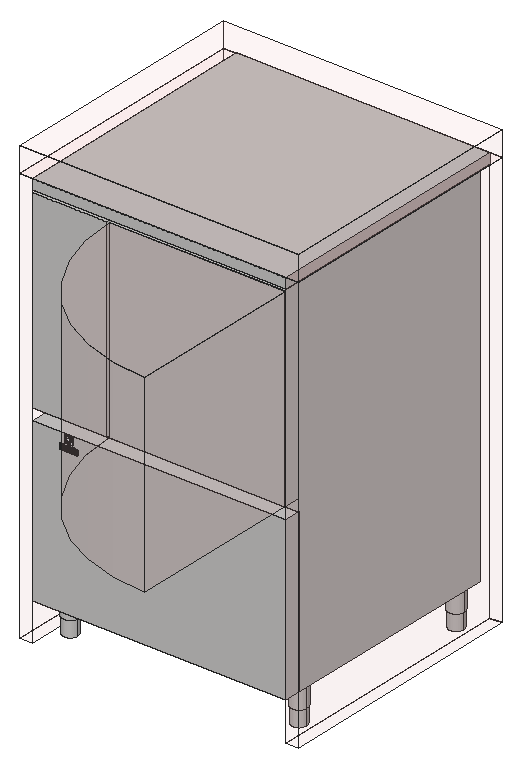
Revit family "QF_ELECTROLUXPROFESSIONAL_725218_ECBCFA080SE", category Attrezzature speciali, Revit 2018
Family settings
  Quota connettore circolare = Usa diametro
  Tipo di parte = Normale
  Basato su piano di lavoro = No
  Sempre verticale = Sì
  Taglio con vuoti quando caricato = No
  Condiviso = No
  Punto di calcolo locali = No
Parameters (values of type "Standard")
  Weight = 220.00 kg
  Watts = 3960 W
  Volts = 380 V
  URL Manufacturer = "https://www.electroluxprofessional.com/"
  URL = "https://www.electroluxprofessional.com/"
  Steam Supply Size = 0 mm
  Steam Supply Minimum Pressure = 0.0 Pa
  Steam Supply Maximum Pressure = 0.0 Pa
  Steam Consumption per Hour = 0
  Show Logo [instance] = yes
  Show Clearance [instance] = yes
  Refrigeration Suction Line Size = 0 mm
  Refrigeration Liquid Line Size = 0 mm
  Refrigerant Compressor Remote = yes
  Produttore = "Electrolux Professional"
  Phase = 3
  Modello = "ECBCFA080SE"
  Length Actual = 1000 mm  # constant formula
  Item Number = "725218"
  Hot Water Size = 0 mm
  Height Actual = 1645 mm  # constant formula
  HP = "5.3 HP"
  Gas Size = 0 mm
  Gas KW = 0
  Gas Input Pressure = 0 W
  Direct Waste Size = 12.7 mm
  Descrizione = "BLAST CHILLER/FREEZER CW 80KG 10 GN 2/1 - R452A"
  Depth Actual = 1006 mm  # constant formula
  Cycle = 50 Hz
  Condensate Return Size = 0 mm
  Compressed Air Volume = 0.0 L/s
  Compressed Air Size = 0 mm
  Compressed Air Pressure = 0.0 Pa
  Cold Water Size = 0 mm
  Accessory = yes
Types (2, lengths in mm): name | URL | Produttore | Phase | Modello | Direct Waste Size | Descrizione
  (no name) | 0 | 0 | 0 | 0 | 0 | 0
  Standard | "https://www.electroluxprofessional.com/" | "Electrolux Professional" | 3 | "ECBCFA080SE" | 12.7 | "BLAST CHILLER/FREEZER CW 80KG 10 GN 2/1 - R452A"
Values of the unnamed type that differ from the named types
  Weight = 0.00 kg
  Watts = 0 W
  Volts = 0 V
  URL Manufacturer = ""
  Item Number = ""
  HP = ""
  Cycle = 0 Hz
Reference planes
  plane 1 "Center X": y = 44.851
  plane 2: z = 0
  plane 3 "Center Y": x = -259
  plane 4 "LEFT": x = -759
  plane 5 "BACK": y = 547.851
  plane 6 "RIGHT": x = 241
  plane 7 "FRONT": y = -458.149
  plane 8: z = 153
  plane 9 "TOP": z = 1645
  plane 10: x = -710
  plane 11: y = 441.851
  plane 12: x = 192
  plane 13: y = -52.149
  plane 14: y = 496.851
  plane 15: z = 1605
  plane 16: y = -1152.149
Forms (mm)
  Extrusion 1, solid, material "QF_Finishes_Stainless Steel"
    sketch origin (0, 0, 1645) x (-1, 0, 0) y (0, -1, 0)
      loop
        line (759, -496.851) -> (759, 393.149) -> (-241, 393.149) -> (-241, -496.851) -> (759, -496.851)
    from -40 to -1492
  Extrusion 2, solid, material "QF_Finishes_Stainless Steel"
    sketch origin (-380.727, 496.851, 1590) x (1, 0, 0) y (0, 0, -1)
      loop
        circle (121.727, 1387) r 10.5
    from 0 to 10
  Extrusion 3, solid, material "QF_Finishes_Stainless Steel"
    sketch origin (-1206.916, -1524, 153) x (-1, 0, 0) y (0, -1, 0)
      loop
        line (-447.916, -1065.851) -> (-1447.916, -1065.851) -> (-1447.916, -1130.851) -> (-447.916, -1130.851) -> (-447.916, -1065.851)
    from 635.577 to 0
  Extrusion 4, solid, material "QF_Finishes_Stainless Steel"
    sketch origin (-1106.916, -1621, 183) x (0, -1, 0) y (-1, 0, 0)
      loop
        circle (-1673.851, -847.916) r 9.5
    from 30 to 40
  Extrusion 5, solid, material "QF_Finishes_Stainless Steel"
    sketch origin (-623, 0, 1060.038) x (1, 0, 0) y (0, 1, 0)
      loop
        line (858, -458.149) -> (858, -393.149) -> (170, -393.149) -> (170, -458.149) -> (858, -458.149)
    from 534.886 to -225.114
  Extrusion 6, solid, material "QF_Finishes_Stainless Steel"
    sketch origin (-1206.916, -1524, 1624) x (-1, 0, 0) y (0, -1, 0)
      loop
        line (-447.916, -2071.851) -> (-447.916, -1065.851) -> (-1447.916, -1065.851) -> (-1447.916, -2071.851) -> (-447.916, -2071.851)
    from 21 to -19
  Extrusion 7, solid, material "QF_Clearance", visible <- "Show Clearance"
    sketch origin (0, 0, 0) x (1, 0, 0) y (0, 1, 0)
      loop
        line (-759, 547.851) -> (-809, 547.851) -> (-809, -458.149) -> (-759, -458.149) -> (-759, 547.851)
      loop
        line (291, 547.851) -> (241, 547.851) -> (241, -458.149) -> (291, -458.149) -> (291, 547.851)
    from 0 to 1645
  Extrusion 8, solid, material "QF_Clearance", visible <- "Show Clearance"
    sketch origin (0, 0, 0) x (1, 0, 0) y (0, 1, 0)
      loop
        line (-809, 547.851) -> (-809, -458.149) -> (291, -458.149) -> (291, 547.851) -> (-809, 547.851)
    from 1645 to 1744
  Extrusion 9, solid, material "QF_Clearance", visible <- "Show Clearance"
    sketch origin (0, 0, 0) x (1, 0, 0) y (0, 1, 0)
      loop
        line (241, -1152.149) -> (241, -458.149) -> (-453, -458.149)
        arc (-453, -458.149) -> (-249.732, -948.881) -> (241, -1152.149) r 694
    from 834.924 to 1594.924
  Extrusion 10, solid, material "QF_Finishes_Stainless Steel"
    sketch origin (-1323, 0, 1060.038) x (1, 0, 0) y (0, 1, 0)
      loop
        line (858, -458.149) -> (858, -393.149) -> (564, -393.149) -> (564, -458.149) -> (858, -458.149)
    from 534.886 to -225.114
Cuts and joins
  joined: Extrusion 1, Extrusion 2, Extrusion 4
Lines and regions (mm)
  Split face 1
    outline origin (241, -458.149, 153) x (-1, 0, 0) y (0, 0, -1)
      loop
        line (900, -635.577) -> (900, -571.811) -> (800, -571.811) -> (775.858, -547.669) -> (224.142, -547.669) -> (200, -571.811) -> (100, -571.811) -> (100, -635.577)
  Split face 2
    outline origin (241, -458.149, 153) x (-1, 0, 0) y (0, 0, -1)
      loop
        line (900, -571.811) -> (900, -514.311) -> (100, -514.311) -> (100, -571.811)
  Split face 3
    outline origin (122, -458.149, 153) x (-1, 0, 0) y (0, 0, -1)
      loop
        line (408.5, -620.809) -> (408.5, -605.809) -> (353.5, -605.809) -> (353.5, -620.809) -> (408.5, -620.809)
  Split face 4
    outline origin (122, -458.149, 128) x (-1, 0, 0) y (0, 0, -1)
      loop
        line (408.5, -620.809) -> (408.5, -605.809) -> (353.5, -605.809) -> (353.5, -620.809) -> (408.5, -620.809)
  symbolic lines
    curve 1: line (-759, 547.851, 1645) -> (241, 547.851, 1645)
    curve 2: line (-759, -458.149, 1645) -> (-759, 547.851, 1645)
    curve 3: line (241, 547.851, 1645) -> (241, -458.149, 1645)
    curve 4: line (241, -458.149, 0) -> (-759, -458.149, 0)
  symbolic lines, style "QF_Clearances"
    curve 5: line (-809, 547.851, 0) -> (-809, -458.149, 0)
    curve 6: line (-809, -458.149, 0) -> (-759, -458.149, 0)
    curve 7: line (291, 547.851, 0) -> (241, 547.851, 0)
    curve 8: line (291, 547.851, 0) -> (291, -458.149, 0)
    curve 9: line (-759, 547.851, 0) -> (-809, 547.851, 0)
    curve 10: line (241, -458.149, 0) -> (291, -458.149, 0)
  symbolic lines, style "QF_Door-Drawer Clearances"
    curve 11: line (241, -1152.149, 0) -> (241, -458.149, 0)
    curve 12: arc (-453, -458.149, 0) -> (-249.732, -948.881, 0) -> (241, -1152.149, 0) r 694
Dimensions and locks
  equal spacing: plane 4 "LEFT", plane 3 "Center Y", plane 6 "RIGHT"
  plane 4 "LEFT" to plane 6 "RIGHT" = 1000 mm
  plane 5 "BACK" to plane 7 "FRONT" = 1006 mm
  equal spacing: plane 5 "BACK", plane 1 "Center X", plane 7 "FRONT"
  cut or joined group of Extrusion 1, Extrusion 2, Extrusion 4 to Extrusion 2 sketch curve = 500 mm
  level to Extrusion 2 sketch curve = 203 mm
  plane 5 "BACK" to Extrusion 4 sketch curve = 495 mm
  plane 4 "LEFT" to Extrusion 4 sketch curve = 500 mm
  Extrusion 2 sketch curve to plane 4 "LEFT" = 500 mm
  plane 9 "TOP" to plane 2 = 1645 mm
  locked: plane 9 "TOP" to plane 15 at 40
  plane 8 to level = 153 mm
  plane 6 "RIGHT" to plane 12 = 49 mm
  plane 5 "BACK" to plane 14 = 51 mm
  plane 5 "BACK" to plane 16 = 1700 mm
  aligned and locked: level to plane 2
  aligned and locked: plane 12 to nested 3
  aligned and locked: plane 12 to nested 2
  aligned and locked: nested 4 to plane 11
  aligned and locked: nested 3 to plane 11
  aligned and locked: Extrusion 1 to plane 4 "LEFT"
  aligned and locked: plane 6 "RIGHT" to Extrusion 1
  aligned and locked: plane 14 to Extrusion 1
  aligned and locked: Extrusion 8 sketch curve to Extrusion 7  (x4)
  aligned and locked: Extrusion 8 to plane 9 "TOP"
  aligned and locked: Extrusion 6 to plane 15
  aligned and locked: plane 9 "TOP" to Extrusion 6
  aligned and locked: cut or joined group of Extrusion 1, Extrusion 2, Extrusion 4 to plane 15
  aligned and locked: Extrusion 1 to plane 8
  aligned and locked: plane 9 "TOP" to Extrusion 7
Automatic sketch dimensions
  curve 6 to plane 7 "FRONT" = 0 mm
  curve 5 to plane 5 "BACK" = 0 mm
  curve 4 to plane 4 "LEFT" = 0 mm
  curve 9 to plane 4 "LEFT" = 0 mm
  curve 11 to plane 6 "RIGHT" = 0 mm
  curve 7 to plane 5 "BACK" = 0 mm
  curve 7 to plane 6 "RIGHT" = 0 mm
  curve 11 to plane 16 = 0 mm
  curve 9 to curve 9 = 50 mm
  curve 4 to curve 10 = 50 mm
  Extrusion 1 sketch curve to plane 6 "RIGHT" = 0 mm
  Extrusion 1 sketch curve to plane 4 "LEFT" = 0 mm
  Extrusion 1 sketch curve to plane 14 = 0 mm
  plane 7 "FRONT" to Extrusion 1 sketch curve = 65 mm
  curve 1 to plane 5 "BACK" = 0 mm
  curve 1 to plane 6 "RIGHT" = 0 mm
  curve 2 to plane 4 "LEFT" = 0 mm
  curve 3 to plane 7 "FRONT" = 0 mm
  curve 2 to plane 7 "FRONT" = 0 mm
  Extrusion 3 sketch curve to plane 6 "RIGHT" = 0 mm
  Extrusion 3 sketch curve to plane 4 "LEFT" = 0 mm
  Extrusion 3 sketch curve to plane 7 "FRONT" = 0 mm
  Extrusion 3 sketch curve to Extrusion 3 sketch curve = 65 mm
  Extrusion 5 sketch curve to plane 7 "FRONT" = 0 mm
  plane 7 "FRONT" to Extrusion 5 sketch curve = 65 mm
  Extrusion 5 sketch curve to plane 3 "Center Y" = 194 mm
  Extrusion 5 sketch curve to plane 6 "RIGHT" = 6 mm
  Extrusion 6 sketch curve to plane 5 "BACK" = 0 mm
  Extrusion 6 sketch curve to plane 6 "RIGHT" = 0 mm
  Extrusion 6 sketch curve to plane 4 "LEFT" = 0 mm
  Extrusion 6 sketch curve to plane 7 "FRONT" = 0 mm
  Split face 3 sketch curve to Extrusion 3 = 14.768 mm
  Split face 3 sketch curve to Extrusion 3 = 472.5 mm
  Split face 3 sketch curve to Split face 3 sketch curve = 55 mm
  Split face 3 sketch curve to Split face 3 sketch curve = 15 mm
  Split face 4 sketch curve to Extrusion 3 = 39.768 mm
  Split face 4 sketch curve to Extrusion 3 = 472.5 mm
  Split face 4 sketch curve to Split face 4 sketch curve = 55 mm
  Split face 4 sketch curve to Split face 4 sketch curve = 15 mm
  Extrusion 7 sketch curve to plane 7 "FRONT" = 0 mm  (x2)
  Extrusion 7 sketch curve to plane 5 "BACK" = 0 mm  (x2)
  Extrusion 7 sketch curve to plane 4 "LEFT" = 0 mm
  Extrusion 7 sketch curve to plane 6 "RIGHT" = 0 mm
  Extrusion 7 sketch curve to Extrusion 7 sketch curve = 50 mm
  plane 6 "RIGHT" to Extrusion 7 sketch curve = 50 mm
  Extrusion 9 sketch curve to plane 7 "FRONT" = 0 mm
  Extrusion 9 sketch curve to plane 6 "RIGHT" = 0 mm
  Extrusion 9 sketch curve to plane 16 = 0 mm
  Extrusion 10 sketch curve to plane 7 "FRONT" = 0 mm
  plane 7 "FRONT" to Extrusion 10 sketch curve = 65 mm
  Extrusion 10 sketch curve to plane 4 "LEFT" = 0 mm
  Extrusion 10 sketch curve to plane 3 "Center Y" = 206 mm
  Split face 2 sketch curve to Extrusion 3 = 100 mm  (x2)
  Split face 2 sketch curve to Extrusion 3 = 63.766 mm
  Split face 2 sketch curve to Split face 2 sketch curve = 57.5 mm  (x2)
  Split face 1 sketch curve to Extrusion 3 = 100 mm  (x2)
  Split face 1 sketch curve to Extrusion 3 = 0 mm  (x2)
  Split face 1 sketch curve to Split face 1 sketch curve = 100 mm  (x2)
  Split face 1 sketch curve to Split face 1 sketch curve = 24.142 mm  (x4)
  Split face 1 sketch curve to Extrusion 3 = 63.766 mm
  radius of Extrusion 2 sketch curve = 10.5 mm
  radius of Extrusion 4 sketch curve = 9.5 mm
Nested families
  nested 1: "Foot_Complete" at (-710, -332.149, 0), type "Foot_Complete"
    with H 153 mm
  nested 2: "Foot_Complete" at (192, -332.149, 0), type "Foot_Complete"
    with H 153 mm
  nested 3: "Foot_Complete" at (192, 441.851, 0), type "Foot_Complete"
    with H 153 mm
  nested 4: "Foot_Complete" at (-710, 441.851, 0), type "Foot_Complete"
    with H 153 mm
  nested 5: "ELX_Pro_Logo" at (-614, -458.149, 753.674) x (1, 0, 0) z (0, -1, 0), type "ELX_Pro_Logo"
Connectors
  electrical at (-259, 506.851, 203), driven by "Volts"
    settings: on Extrusion 2, index 5, voltage 380 V, apparent load 0 VA, apparent load phase1 0 VA, apparent load phase2 0 VA, apparent load phase3 0 VA, power factor 1, load classification "Altro", number of poles 1, system type 30, power factor state 1, is connector primary yes, connector utility no, sub classification motor no, connector description "Electrical Connection"
  piping at (-259, 52.851, 143), diameter 12.7, driven by "Direct Waste Size"
    settings: on cut or joined group of Extrusion 1, Extrusion 2, Extrusion 4, index 6, connector inside diameter 609.6 mm, connector length 0 mm, flow factor 0, pipe flow 0.0 L/s, pressure drop 0.0 Pa, fitting loss kfactor 0, connector angle 0.00°, fixture units 0, engagement length 0 mm, angle of deflection 0.00°, flow configuration 1, flow direction 2, fitting loss method 0, system type 16, joint type 0, gender type 0, connector reference index -1, connector utility 0, adjustable connector no, is connector primary yes, connector description "Drain"
Definition of nested family "Foot_Complete"
  Parameters
    R = 32 mm
    H = 150 mm
  Reference planes
    plane 1 "Centro (Fronte/Retro)": y = 0
    plane 2: z = 0
    plane 3 "Centro (Sinistra/Destra)": x = 0
    plane 4: z = 150
  Forms (mm)
    Revolve 1, solid
      sketch origin (255.05, 0, 608.09) x (0, 0, 1) y (-1, 0, 0)
        loop
          line (-608.09, 255.05) -> (-608.09, 226.55) -> (-544.09, 226.55) -> (-544.09, 223.05) -> (-458.09, 223.05) -> (-458.09, 255.05) -> (-608.09, 255.05)
        axis (-608.09, 255.05) -> (-458.09, 255.05)
      angle from 0 to 360
  Dimensions and locks
    locked: level to Revolve 1 sketch curve at 64
    "R": Revolve 1 sketch curve to plane 3 "Centro (Sinistra/Destra)"
    "H": plane 4 to level
    aligned and locked: level to plane 2
    aligned and locked: plane 4 to Revolve 1 sketch curve
    aligned and locked: Revolve 1 sketch curve to level
    aligned and locked: plane 3 "Centro (Sinistra/Destra)" to Revolve 1 sketch curve
  Automatic sketch dimensions
    Revolve 1 sketch curve to plane 3 "Centro (Sinistra/Destra)" = 0 mm
    plane 3 "Centro (Sinistra/Destra)" to Revolve 1 sketch curve = 28.5 mm
    Revolve 1 sketch curve to Revolve 1 sketch curve = 50 mm
    Revolve 1 sketch curve to Revolve 1 sketch curve = 20 mm
Definition of nested family "ELX_Pro_Logo"
  Parameters (values of type "ELX_Pro_Logo")
    M = none
    Default Elevation = 0 mm
  Reference planes
    plane 1 "Centro (Fronte/Retro)": y = 0
    plane 2: z = 0
    plane 3 "Centro (Sinistra/Destra)": x = 0
  Forms (mm)
    Extrusion 1, solid
      sketch origin (0, 0, 0) x (1, 0, 0) y (0, 1, 0)
        loop
          line (-1219.2, 1219.2) -> (-1219.2, -1219.2) -> (1219.2, -1219.2) -> (1219.2, 1219.2) -> (-1219.2, 1219.2)
      from 0 to -304.8
    Extrusion 2, solid, material <- "M"
      sketch origin (-144.622, -1081.55, 0) x (-1, 0, 0) y (0, -1, 0)
        loop
          line (-111.329, -1069.559) -> (-111.329, -1071.073) -> (-116.048, -1071.073) -> (-116.048, -1072.896) -> (-111.328, -1072.896) -> (-111.328, -1075.549) -> (-116.349, -1075.549) -> (-116.349, -1077.368) -> (-109.396, -1077.368) -> (-109.396, -1073.46) -> (-109.396, -1069.659)
          arc (-109.396, -1069.659) -> (-110.425, -1067.175) -> (-112.909, -1066.146) r 3.513
          line (-112.909, -1066.146) -> (-116.483, -1066.146) -> (-116.483, -1067.963) -> (-112.925, -1067.963)
          arc (-112.925, -1067.963) -> (-111.797, -1068.431) -> (-111.329, -1069.559) r 1.596
        loop
          line (-119.79, -1077.358) -> (-117.856, -1077.358) -> (-117.856, -1072.053) -> (-117.856, -1066.132) -> (-119.79, -1066.132) -> (-119.79, -1072.092) -> (-119.79, -1077.358)
        loop
          line (-122.986, -1069.718) -> (-129.327, -1069.718)
          arc (-129.327, -1069.718) -> (-129.219, -1071.449) -> (-128.497, -1073.026) r 4.757
          arc (-128.497, -1073.026) -> (-125.237, -1074.5) -> (-121.978, -1073.026) r 4.34
          arc (-121.978, -1073.026) -> (-121.072, -1070.207) -> (-121.978, -1067.388) r 4.838
          arc (-121.978, -1067.388) -> (-125.393, -1065.933) -> (-128.809, -1067.388) r 4.737
          line (-128.809, -1067.388) -> (-127.645, -1068.52)
          arc (-127.645, -1068.52) -> (-125.509, -1067.576) -> (-123.374, -1068.52) r 2.888
          arc (-123.374, -1068.52) -> (-123.05, -1069.077) -> (-122.986, -1069.718) r 1.527
        loop
          arc (-127.386, -1071.076) -> (-126.67, -1072.331) -> (-125.331, -1072.872) r 2.201
          arc (-125.331, -1072.872) -> (-123.848, -1072.402) -> (-123.033, -1071.076) r 2.23
          line (-123.033, -1071.076) -> (-127.386, -1071.076)
        loop
          line (-136.862, -1071.886) -> (-138.059, -1073.132)
          arc (-138.059, -1073.132) -> (-130.327, -1070.219) -> (-138.059, -1067.306) r 4.415
          line (-138.059, -1067.306) -> (-136.862, -1068.553)
          arc (-136.862, -1068.553) -> (-132.252, -1070.22) -> (-136.862, -1071.886) r 2.606
        loop
          line (-141.192, -1069.673) -> (-141.192, -1072.494) -> (-142.951, -1072.494) -> (-142.951, -1074.25) -> (-141.195, -1074.25) -> (-141.195, -1077.358) -> (-139.262, -1077.358) -> (-139.262, -1073.332) -> (-139.262, -1069.514)
          arc (-139.262, -1069.514) -> (-140.299, -1066.92) -> (-142.98, -1066.132) r 3.196
          line (-142.98, -1066.132) -> (-142.987, -1067.949)
          arc (-142.987, -1067.949) -> (-141.652, -1068.356) -> (-141.192, -1069.673) r 1.542
        loop
          line (-146.494, -1073.042) -> (-146.494, -1074.25) -> (-144.576, -1074.25) -> (-144.576, -1070.271) -> (-144.576, -1066.132) -> (-146.494, -1066.132) -> (-146.494, -1070.401)
          arc (-146.494, -1070.401) -> (-147.446, -1072.228) -> (-149.489, -1072.494) r 2.229
          line (-149.489, -1072.494) -> (-149.489, -1074.362)
          arc (-149.489, -1074.362) -> (-147.761, -1074.226) -> (-146.494, -1073.042) r 2.627
        loop
          line (-159.833, -1072.246) -> (-159.833, -1066.131) -> (-161.767, -1066.131) -> (-161.767, -1072.17) -> (-161.767, -1077.359) -> (-159.833, -1077.359) -> (-159.833, -1072.246)
        loop
          line (-165.194, -1069.514) -> (-165.194, -1074.25) -> (-163.245, -1074.25) -> (-163.245, -1071.898) -> (-163.245, -1069.098)
          arc (-163.245, -1069.098) -> (-166.96, -1065.769) -> (-170.687, -1069.085) r 3.745
          line (-170.687, -1069.085) -> (-170.687, -1071.898) -> (-170.687, -1074.25) -> (-168.739, -1074.25) -> (-168.739, -1069.514)
          arc (-168.739, -1069.514) -> (-166.967, -1067.742) -> (-165.194, -1069.514) r 1.772
        loop
          line (-174.654, -1070.416) -> (-172.975, -1068.078) -> (-171.578, -1066.131) -> (-173.656, -1066.131) -> (-175.717, -1068.999) -> (-177.779, -1066.131) -> (-179.857, -1066.131) -> (-178, -1068.728) -> (-176.781, -1070.433) -> (-178.29, -1072.488) -> (-179.583, -1074.25) -> (-177.473, -1074.25) -> (-175.717, -1071.818) -> (-173.945, -1074.25) -> (-171.852, -1074.25) -> (-173.052, -1072.608) -> (-174.654, -1070.416)
        loop
          circle (-154.223, -1070.188) r 2.508
        loop
          circle (-154.223, -1070.188) r 4.42
        loop
          line (-110.224, -1058.542) -> (-111.194, -1058.542)
          arc (-111.194, -1058.542) -> (-112.217, -1059.95) -> (-110.924, -1061.114) r 1.3
          line (-110.924, -1061.114) -> (-109.424, -1061.114) -> (-109.424, -1057.223) -> (-110.224, -1057.223) -> (-110.224, -1058.542)
        loop
          line (-110.224, -1060.379) -> (-110.224, -1059.293) -> (-111.03, -1059.293)
          arc (-111.03, -1059.293) -> (-111.43, -1059.836) -> (-111.03, -1060.379) r 0.569
          line (-111.03, -1060.379) -> (-110.224, -1060.379)
        loop
          line (-116.302, -1058.564) -> (-117.128, -1058.564) -> (-117.934, -1057.223) -> (-118.841, -1057.223) -> (-117.833, -1058.884)
          arc (-117.833, -1058.884) -> (-118.214, -1060.282) -> (-117.028, -1061.114) r 1.26
          line (-117.028, -1061.114) -> (-115.503, -1061.114) -> (-115.503, -1057.223) -> (-116.302, -1057.223) -> (-116.302, -1058.564)
        loop
          line (-116.302, -1060.379) -> (-116.302, -1059.293) -> (-117.109, -1059.293)
          arc (-117.109, -1059.293) -> (-117.508, -1059.836) -> (-117.109, -1060.379) r 0.569
          line (-117.109, -1060.379) -> (-116.302, -1060.379)
        loop
          line (-128.923, -1057.223) -> (-129.723, -1057.223) -> (-129.723, -1058.714) -> (-131.187, -1058.714) -> (-131.187, -1059.514) -> (-129.723, -1059.514) -> (-129.723, -1060.314) -> (-131.327, -1060.314) -> (-131.327, -1061.114) -> (-128.923, -1061.114) -> (-128.923, -1057.223)
        loop
          arc (-134.628, -1058.469) -> (-134.992, -1057.588) -> (-135.874, -1057.223) r 1.246
          line (-135.874, -1057.223) -> (-137.13, -1057.223) -> (-137.13, -1058.023) -> (-135.969, -1058.023)
          arc (-135.969, -1058.023) -> (-135.53, -1058.237) -> (-135.427, -1058.714) r 0.558
          line (-135.427, -1058.714) -> (-136.984, -1058.714) -> (-136.984, -1059.514) -> (-135.427, -1059.514) -> (-135.427, -1060.314) -> (-137.092, -1060.314) -> (-137.092, -1061.114) -> (-134.628, -1061.114) -> (-134.628, -1058.469)
        loop
          line (-152.3, -1057.223) -> (-153.1, -1057.223) -> (-153.1, -1061.114) -> (-152.3, -1061.114) -> (-152.3, -1057.223)
        loop
          line (-164.67, -1057.223) -> (-164.67, -1059.67) -> (-166.45, -1057.223) -> (-167.25, -1057.223) -> (-167.25, -1061.114) -> (-166.42, -1061.114) -> (-166.42, -1058.594) -> (-164.64, -1061.114) -> (-163.84, -1061.114) -> (-163.84, -1057.223) -> (-164.67, -1057.223)
        loop
          line (-170.403, -1057.223) -> (-171.262, -1057.223) -> (-171.641, -1058.063) -> (-173.08, -1058.063) -> (-173.459, -1057.223) -> (-174.317, -1057.223) -> (-172.796, -1061.113) -> (-171.996, -1061.113) -> (-170.403, -1057.223)
        loop
          line (-177.493, -1057.223) -> (-179.789, -1057.223) -> (-179.789, -1058.023) -> (-178.293, -1058.023) -> (-178.293, -1061.114) -> (-177.493, -1061.114) -> (-177.493, -1057.223)
        loop
          line (-172.362, -1059.848) -> (-171.945, -1058.83) -> (-172.76, -1058.83) -> (-172.362, -1059.848)
        loop
          circle (-158.484, -1059.145) r 1.288
        loop
          circle (-158.484, -1059.145) r 2.065
        loop
          arc (-146.04, -1058.095) -> (-146.933, -1057.275) -> (-148.145, -1057.245) r 1.725
          arc (-148.145, -1057.245) -> (-148.965, -1058.02) -> (-148.68, -1059.111) r 1.107
          arc (-148.68, -1059.111) -> (-148.103, -1059.465) -> (-147.486, -1059.746) r 5.523
          arc (-147.486, -1059.746) -> (-147.147, -1060.262) -> (-147.708, -1060.52) r 0.407
          arc (-147.708, -1060.52) -> (-148.045, -1060.315) -> (-148.325, -1060.038) r 1.702
          line (-148.325, -1060.038) -> (-149.011, -1060.45)
          arc (-149.011, -1060.45) -> (-148.578, -1060.911) -> (-148.043, -1061.247) r 2.463
          arc (-148.043, -1061.247) -> (-146.373, -1060.466) -> (-147.42, -1058.949) r 1.207
          spline (-147.42, -1058.949) -> (-147.716, -1058.809) -> (-147.932, -1058.678) -> (-148.077, -1058.557) -> (-148.163, -1058.446) -> (-148.198, -1058.347) -> (-148.192, -1058.258) -> (-148.157, -1058.182) -> (-148.102, -1058.118) -> (-148.037, -1058.068) -> (-147.972, -1058.031) -> (-147.917, -1058.008) -> (-147.883, -1058)
          arc (-147.883, -1058) -> (-147.238, -1058.014) -> (-146.759, -1058.446) r 0.925
          line (-146.759, -1058.446) -> (-146.04, -1058.095)
        loop
          arc (-140.18, -1058.095) -> (-141.073, -1057.275) -> (-142.285, -1057.245) r 1.725
          arc (-142.285, -1057.245) -> (-143.106, -1058.02) -> (-142.821, -1059.111) r 1.107
          arc (-142.821, -1059.111) -> (-142.243, -1059.465) -> (-141.627, -1059.746) r 5.523
          arc (-141.627, -1059.746) -> (-141.287, -1060.262) -> (-141.849, -1060.52) r 0.407
          arc (-141.849, -1060.52) -> (-142.185, -1060.315) -> (-142.466, -1060.038) r 1.702
          line (-142.466, -1060.038) -> (-143.151, -1060.45)
          arc (-143.151, -1060.45) -> (-142.719, -1060.911) -> (-142.183, -1061.247) r 2.463
          arc (-142.183, -1061.247) -> (-140.513, -1060.466) -> (-141.56, -1058.949) r 1.207
          spline (-141.56, -1058.949) -> (-141.856, -1058.809) -> (-142.072, -1058.678) -> (-142.218, -1058.557) -> (-142.303, -1058.446) -> (-142.338, -1058.347) -> (-142.333, -1058.258) -> (-142.298, -1058.182) -> (-142.242, -1058.118) -> (-142.177, -1058.068) -> (-142.112, -1058.031) -> (-142.057, -1058.008) -> (-142.023, -1058)
          arc (-142.023, -1058) -> (-141.378, -1058.014) -> (-140.9, -1058.446) r 0.925
          line (-140.9, -1058.446) -> (-140.18, -1058.095)
        loop
          circle (-123.484, -1059.145) r 1.288
        loop
          circle (-123.484, -1059.145) r 2.065
        loop
          line (-130.225, -1113.361) -> (-130.225, -1084.645) -> (-158.979, -1084.645) -> (-158.979, -1113.361) -> (-130.225, -1113.361)
        loop
          arc (-148.442, -1086.055) -> (-157.992, -1098.973) -> (-148.442, -1111.892) r 13.512
          line (-148.442, -1111.892) -> (-148.442, -1086.055)
        loop
          line (-147.127, -1086.055) -> (-147.127, -1087.926)
          arc (-147.127, -1087.926) -> (-143.116, -1095.125) -> (-135.48, -1098.224) r 12.412
          line (-135.48, -1098.224) -> (-131.205, -1098.224)
          arc (-131.205, -1098.224) -> (-136.382, -1088.497) -> (-147.127, -1086.055) r 13.242
        loop
          line (-147.127, -1110.021) -> (-147.127, -1112.224)
          arc (-147.127, -1112.224) -> (-136.374, -1109.53) -> (-131.205, -1099.722) r 13.588
          line (-131.205, -1099.722) -> (-135.48, -1099.722)
          arc (-135.48, -1099.722) -> (-143.116, -1102.822) -> (-147.127, -1110.021) r 12.412
      from 0 to 1.6
  Lines and regions (mm)
    symbolic lines
      curve 1: line (-14.357, 31.811, 0) -> (14.357, 31.811, 0)
      curve 2: line (-14.357, 3.095, 0) -> (-14.357, 31.811, 0)
      curve 3: line (14.357, 3.095, 0) -> (-14.357, 3.095, 0)
      curve 4: line (14.357, 31.811, 0) -> (14.357, 3.095, 0)
      curve 5: line (-8.32, 7.722, 0) -> (-9.387, 8.738, 0)
      curve 6: line (-9.387, 8.738, 0) -> (-10.331, 9.866, 0)
      curve 7: line (-10.331, 9.866, 0) -> (-11.141, 11.095, 0)
      curve 8: line (-11.141, 11.095, 0) -> (-11.805, 12.411, 0)
      curve 9: line (-11.805, 12.411, 0) -> (-12.31, 13.803, 0)
      curve 10: line (-12.31, 13.803, 0) -> (-12.646, 15.26, 0)
      curve 11: line (-12.646, 15.26, 0) -> (-12.8, 16.77, 0)
      curve 12: line (-12.8, 16.77, 0) -> (-10.081, 16.77, 0)
      curve 13: line (-10.081, 16.77, 0) -> (-8.466, 16.661, 0)
      curve 14: line (-8.466, 16.661, 0) -> (-6.88, 16.344, 0)
      curve 15: line (-6.88, 16.344, 0) -> (-5.345, 15.833, 0)
      curve 16: line (-5.345, 15.833, 0) -> (-3.882, 15.143, 0)
      curve 17: line (-3.882, 15.143, 0) -> (-2.511, 14.288, 0)
      curve 18: line (-2.511, 14.288, 0) -> (-1.255, 13.283, 0)
      curve 19: line (-1.255, 13.283, 0) -> (-0.135, 12.143, 0)
      curve 20: line (-0.135, 12.143, 0) -> (0.83, 10.882, 0)
      curve 21: line (0.83, 10.882, 0) -> (1.616, 9.515, 0)
      curve 22: arc (1.616, 9.515, 0) -> (2.419, 7.28, 0) -> (2.7, 4.923, 0) r 10.532
      curve 23: arc (2.7, 4.923, 0) -> (1.362, 4.715, 0) -> (0.011, 4.633, 0) r 14.39
      curve 24: line (0.011, 4.633, 0) -> (-1.56, 4.731, 0)
      curve 25: line (-1.56, 4.731, 0) -> (-3.062, 5.011, 0)
      curve 26: line (-3.062, 5.011, 0) -> (-4.502, 5.462, 0)
      curve 27: line (-4.502, 5.462, 0) -> (-5.866, 6.072, 0)
      curve 28: line (-5.866, 6.072, 0) -> (-7.142, 6.829, 0)
      curve 29: line (-7.142, 6.829, 0) -> (-8.32, 7.722, 0)
      curve 30: line (-10.802, 24.24, 0) -> (-9.872, 25.531, 0)
      curve 31: line (-9.872, 25.531, 0) -> (-8.796, 26.699, 0)
      curve 32: line (-8.796, 26.699, 0) -> (-7.587, 27.728, 0)
      curve 33: line (-7.587, 27.728, 0) -> (-6.258, 28.602, 0)
      curve 34: line (-6.258, 28.602, 0) -> (-4.823, 29.309, 0)
      curve 35: line (-4.823, 29.309, 0) -> (-3.293, 29.832, 0)
      curve 36: line (-3.293, 29.832, 0) -> (-1.683, 30.156, 0)
      curve 37: arc (-1.683, 30.156, 0) -> (0.517, 30.256, 0) -> (2.702, 29.984, 0) r 13.008
      curve 38: arc (2.702, 29.984, 0) -> (2.453, 27.616, 0) -> (1.617, 25.387, 0) r 9.395
      curve 39: line (1.617, 25.387, 0) -> (0.83, 24.018, 0)
      curve 40: line (0.83, 24.018, 0) -> (-0.134, 22.756, 0)
      curve 41: line (-0.134, 22.756, 0) -> (-1.255, 21.615, 0)
      curve 42: line (-1.255, 21.615, 0) -> (-2.512, 20.609, 0)
      curve 43: line (-2.512, 20.609, 0) -> (-3.882, 19.754, 0)
      curve 44: line (-3.882, 19.754, 0) -> (-5.346, 19.063, 0)
      curve 45: line (-5.346, 19.063, 0) -> (-6.881, 18.551, 0)
      curve 46: line (-6.881, 18.551, 0) -> (-8.467, 18.234, 0)
      curve 47: line (-8.467, 18.234, 0) -> (-10.083, 18.125, 0)
      curve 48: line (-10.083, 18.125, 0) -> (-12.798, 18.125, 0)
      curve 49: line (-12.798, 18.125, 0) -> (-12.584, 19.768, 0)
      curve 50: line (-12.584, 19.768, 0) -> (-12.171, 21.343, 0)
      curve 51: line (-12.171, 21.343, 0) -> (-11.572, 22.839, 0)
      curve 52: line (-11.572, 22.839, 0) -> (-10.802, 24.24, 0)
      curve 53: line (4.048, 5.294, 0) -> (4.048, 29.617, 0)
      curve 54: line (4.048, 29.617, 0) -> (5.525, 29.026, 0)
      curve 55: line (5.525, 29.026, 0) -> (6.905, 28.26, 0)
      curve 56: line (6.905, 28.26, 0) -> (8.174, 27.332, 0)
      curve 57: line (8.174, 27.332, 0) -> (9.318, 26.256, 0)
      curve 58: line (9.318, 26.256, 0) -> (10.323, 25.046, 0)
      curve 59: line (10.323, 25.046, 0) -> (11.177, 23.715, 0)
      curve 60: line (11.177, 23.715, 0) -> (11.865, 22.277, 0)
      curve 61: line (11.865, 22.277, 0) -> (12.375, 20.746, 0)
      curve 62: line (12.375, 20.746, 0) -> (12.693, 19.135, 0)
      curve 63: line (12.693, 19.135, 0) -> (12.804, 17.459, 0)
      curve 64: line (12.804, 17.459, 0) -> (12.702, 15.807, 0)
      curve 65: line (12.702, 15.807, 0) -> (12.396, 14.216, 0)
      curve 66: line (12.396, 14.216, 0) -> (11.897, 12.7, 0)
      curve 67: line (11.897, 12.7, 0) -> (11.218, 11.271, 0)
      curve 68: line (11.218, 11.271, 0) -> (10.372, 9.944, 0)
      curve 69: line (10.372, 9.944, 0) -> (9.37, 8.731, 0)
      curve 70: line (9.37, 8.731, 0) -> (8.224, 7.646, 0)
      curve 71: line (8.224, 7.646, 0) -> (6.947, 6.703, 0)
      curve 72: line (6.947, 6.703, 0) -> (5.551, 5.914, 0)
      curve 73: line (5.551, 5.914, 0) -> (4.048, 5.294, 0)
      curve 74: line (-35.227, -8.09, 0) -> (-35.227, -11.891, 0)
      curve 75: arc (-35.227, -11.891, 0) -> (-34.198, -14.375, 0) -> (-31.714, -15.404, 0) r 3.513
      curve 76: line (-31.714, -15.404, 0) -> (-28.139, -15.404, 0)
      curve 77: line (-28.139, -15.404, 0) -> (-28.139, -13.587, 0)
      curve 78: line (-28.139, -13.587, 0) -> (-31.697, -13.587, 0)
      curve 79: arc (-31.697, -13.587, 0) -> (-32.826, -13.119, 0) -> (-33.293, -11.991, 0) r 1.596
      curve 80: line (-33.293, -11.991, 0) -> (-33.293, -10.477, 0)
      curve 81: line (-33.293, -10.477, 0) -> (-28.574, -10.477, 0)
      curve 82: line (-28.574, -10.477, 0) -> (-28.574, -8.654, 0)
      curve 83: line (-28.574, -8.654, 0) -> (-33.294, -8.654, 0)
      curve 84: line (-33.294, -8.654, 0) -> (-33.294, -6.001, 0)
      curve 85: line (-33.294, -6.001, 0) -> (-28.273, -6.001, 0)
      curve 86: line (-28.273, -6.001, 0) -> (-28.273, -4.182, 0)
      curve 87: line (-28.273, -4.182, 0) -> (-35.227, -4.182, 0)
      curve 88: line (-35.227, -4.182, 0) -> (-35.227, -8.09, 0)
      curve 89: line (-24.833, -9.458, 0) -> (-24.833, -4.192, 0)
      curve 90: line (-24.833, -4.192, 0) -> (-26.766, -4.192, 0)
      curve 91: line (-26.766, -4.192, 0) -> (-26.766, -9.497, 0)
      curve 92: line (-26.766, -9.497, 0) -> (-26.766, -15.418, 0)
      curve 93: line (-26.766, -15.418, 0) -> (-24.833, -15.418, 0)
      curve 94: line (-24.833, -15.418, 0) -> (-24.833, -9.458, 0)
      curve 95: arc (-16.125, -8.524, 0) -> (-19.385, -7.05, 0) -> (-22.645, -8.524, 0) r 4.34
      curve 96: arc (-22.645, -8.524, 0) -> (-23.551, -11.343, 0) -> (-22.645, -14.162, 0) r 4.838
      curve 97: arc (-22.645, -14.162, 0) -> (-19.229, -15.617, 0) -> (-15.813, -14.162, 0) r 4.737
      curve 98: line (-15.813, -14.162, 0) -> (-16.978, -13.03, 0)
      curve 99: arc (-16.978, -13.03, 0) -> (-19.113, -13.974, 0) -> (-21.249, -13.03, 0) r 2.888
      curve 100: arc (-21.249, -13.03, 0) -> (-21.572, -12.473, 0) -> (-21.637, -11.832, 0) r 1.527
      curve 101: line (-21.637, -11.832, 0) -> (-15.295, -11.832, 0)
      curve 102: arc (-15.295, -11.832, 0) -> (-15.404, -10.101, 0) -> (-16.125, -8.524, 0) r 4.757
      curve 103: line (-17.236, -10.474, 0) -> (-21.589, -10.474, 0)
      curve 104: arc (-21.589, -10.474, 0) -> (-20.774, -9.148, 0) -> (-19.291, -8.678, 0) r 2.23
      curve 105: arc (-19.291, -8.678, 0) -> (-17.952, -9.219, 0) -> (-17.236, -10.474, 0) r 2.201
      curve 106: arc (-6.563, -8.418, 0) -> (-14.295, -11.331, 0) -> (-6.563, -14.244, 0) r 4.415
      curve 107: line (-6.563, -14.244, 0) -> (-7.761, -12.997, 0)
      curve 108: arc (-7.761, -12.997, 0) -> (-12.371, -11.33, 0) -> (-7.761, -9.664, 0) r 2.606
      curve 109: line (-7.761, -9.664, 0) -> (-6.563, -8.418, 0)
      curve 110: line (-5.361, -4.192, 0) -> (-5.361, -8.218, 0)
      curve 111: line (-5.361, -8.218, 0) -> (-5.361, -12.036, 0)
      curve 112: arc (-5.361, -12.036, 0) -> (-4.323, -14.63, 0) -> (-1.642, -15.418, 0) r 3.196
      curve 113: line (-1.642, -15.418, 0) -> (-1.636, -13.601, 0)
      curve 114: arc (-1.636, -13.601, 0) -> (-2.97, -13.194, 0) -> (-3.43, -11.877, 0) r 1.542
      curve 115: line (-3.43, -11.877, 0) -> (-3.43, -9.056, 0)
      curve 116: line (-3.43, -9.056, 0) -> (-1.672, -9.056, 0)
      curve 117: line (-1.672, -9.056, 0) -> (-1.672, -7.299, 0)
      curve 118: line (-1.672, -7.299, 0) -> (-3.427, -7.299, 0)
      curve 119: line (-3.427, -7.299, 0) -> (-3.427, -4.192, 0)
      curve 120: line (-3.427, -4.192, 0) -> (-5.361, -4.192, 0)
      curve 121: line (1.872, -7.3, 0) -> (-0.046, -7.3, 0)
      curve 122: line (-0.046, -7.3, 0) -> (-0.046, -11.279, 0)
      curve 123: line (-0.046, -11.279, 0) -> (-0.046, -15.418, 0)
      curve 124: line (-0.046, -15.418, 0) -> (1.872, -15.418, 0)
      curve 125: line (1.872, -15.418, 0) -> (1.872, -11.149, 0)
      curve 126: arc (1.872, -11.149, 0) -> (2.824, -9.322, 0) -> (4.867, -9.056, 0) r 2.229
      curve 127: line (4.867, -9.056, 0) -> (4.867, -7.188, 0)
      curve 128: arc (4.867, -7.188, 0) -> (3.138, -7.324, 0) -> (1.872, -8.508, 0) r 2.627
      curve 129: line (1.872, -8.508, 0) -> (1.872, -7.3, 0)
      curve 130: arc (7.092, -11.362, 0) -> (9.601, -8.854, 0) -> (12.109, -11.362, 0) r 2.508
      curve 131: arc (12.109, -11.362, 0) -> (9.601, -13.871, 0) -> (7.092, -11.362, 0) r 2.508
      curve 132: arc (5.18, -11.362, 0) -> (9.601, -15.783, 0) -> (14.021, -11.362, 0) r 4.42
      curve 133: arc (14.021, -11.362, 0) -> (9.601, -6.942, 0) -> (5.18, -11.362, 0) r 4.42
      curve 134: line (15.211, -4.191, 0) -> (15.211, -9.304, 0)
      curve 135: line (15.211, -9.304, 0) -> (15.211, -15.419, 0)
      curve 136: line (15.211, -15.419, 0) -> (17.145, -15.419, 0)
      curve 137: line (17.145, -15.419, 0) -> (17.145, -9.38, 0)
      curve 138: line (17.145, -9.38, 0) -> (17.145, -4.191, 0)
      curve 139: line (17.145, -4.191, 0) -> (15.211, -4.191, 0)
      curve 140: line (18.622, -7.299, 0) -> (18.622, -9.652, 0)
      curve 141: line (18.622, -9.652, 0) -> (18.622, -12.452, 0)
      curve 142: arc (18.622, -12.452, 0) -> (22.338, -15.781, 0) -> (26.064, -12.465, 0) r 3.745
      curve 143: line (26.064, -12.465, 0) -> (26.064, -9.652, 0)
      curve 144: line (26.064, -9.652, 0) -> (26.064, -7.299, 0)
      curve 145: line (26.064, -7.299, 0) -> (24.116, -7.299, 0)
      curve 146: line (24.116, -7.299, 0) -> (24.116, -12.036, 0)
      curve 147: arc (24.116, -12.036, 0) -> (22.344, -13.808, 0) -> (20.572, -12.036, 0) r 1.772
      curve 148: line (20.572, -12.036, 0) -> (20.572, -7.299, 0)
      curve 149: line (20.572, -7.299, 0) -> (18.622, -7.299, 0)
      curve 150: line (28.43, -8.942, 0) -> (30.032, -11.134, 0)
      curve 151: line (30.032, -11.134, 0) -> (28.353, -13.472, 0)
      curve 152: line (28.353, -13.472, 0) -> (26.955, -15.419, 0)
      curve 153: line (26.955, -15.419, 0) -> (29.033, -15.419, 0)
      curve 154: line (29.033, -15.419, 0) -> (31.095, -12.551, 0)
      curve 155: line (31.095, -12.551, 0) -> (33.156, -15.419, 0)
      curve 156: line (33.156, -15.419, 0) -> (35.234, -15.419, 0)
      curve 157: line (35.234, -15.419, 0) -> (33.378, -12.822, 0)
      curve 158: line (33.378, -12.822, 0) -> (32.158, -11.117, 0)
      curve 159: line (32.158, -11.117, 0) -> (33.668, -9.062, 0)
      curve 160: line (33.668, -9.062, 0) -> (34.961, -7.3, 0)
      curve 161: line (34.961, -7.3, 0) -> (32.851, -7.3, 0)
      curve 162: line (32.851, -7.3, 0) -> (31.095, -9.732, 0)
      curve 163: line (31.095, -9.732, 0) -> (29.323, -7.3, 0)
      curve 164: line (29.323, -7.3, 0) -> (27.23, -7.3, 0)
      curve 165: line (27.23, -7.3, 0) -> (28.43, -8.942, 0)
      curve 166: line (-35.198, -20.436, 0) -> (-35.198, -24.327, 0)
      curve 167: line (-35.198, -24.327, 0) -> (-34.398, -24.327, 0)
      curve 168: line (-34.398, -24.327, 0) -> (-34.398, -23.008, 0)
      curve 169: line (-34.398, -23.008, 0) -> (-33.428, -23.008, 0)
      curve 170: arc (-33.428, -23.008, 0) -> (-32.405, -21.6, 0) -> (-33.699, -20.436, 0) r 1.3
      curve 171: line (-33.699, -20.436, 0) -> (-35.198, -20.436, 0)
      curve 172: line (-34.398, -22.257, 0) -> (-34.398, -21.171, 0)
      curve 173: line (-34.398, -21.171, 0) -> (-33.592, -21.171, 0)
      curve 174: arc (-33.592, -21.171, 0) -> (-33.192, -21.714, 0) -> (-33.592, -22.257, 0) r 0.569
      curve 175: line (-33.592, -22.257, 0) -> (-34.398, -22.257, 0)
      curve 176: line (-29.12, -20.436, 0) -> (-29.12, -24.327, 0)
      curve 177: line (-29.12, -24.327, 0) -> (-28.32, -24.327, 0)
      curve 178: line (-28.32, -24.327, 0) -> (-28.32, -22.986, 0)
      curve 179: line (-28.32, -22.986, 0) -> (-27.494, -22.986, 0)
      curve 180: line (-27.494, -22.986, 0) -> (-26.688, -24.327, 0)
      curve 181: line (-26.688, -24.327, 0) -> (-25.781, -24.327, 0)
      curve 182: line (-25.781, -24.327, 0) -> (-26.789, -22.666, 0)
      curve 183: arc (-26.789, -22.666, 0) -> (-26.409, -21.268, 0) -> (-27.594, -20.436, 0) r 1.26
      curve 184: line (-27.594, -20.436, 0) -> (-29.12, -20.436, 0)
      curve 185: line (-28.32, -22.257, 0) -> (-28.32, -21.171, 0)
      curve 186: line (-28.32, -21.171, 0) -> (-27.514, -21.171, 0)
      curve 187: arc (-27.514, -21.171, 0) -> (-27.114, -21.714, 0) -> (-27.514, -22.257, 0) r 0.569
      curve 188: line (-27.514, -22.257, 0) -> (-28.32, -22.257, 0)
      curve 189: arc (-22.427, -22.405, 0) -> (-21.138, -21.117, 0) -> (-19.85, -22.405, 0) r 1.288
      curve 190: arc (-19.85, -22.405, 0) -> (-21.138, -23.694, 0) -> (-22.427, -22.405, 0) r 1.288
      curve 191: arc (-23.203, -22.405, 0) -> (-21.138, -24.47, 0) -> (-19.074, -22.405, 0) r 2.065
      curve 192: arc (-19.074, -22.405, 0) -> (-21.138, -20.34, 0) -> (-23.203, -22.405, 0) r 2.065
      curve 193: line (-15.7, -20.436, 0) -> (-15.7, -24.327, 0)
      curve 194: line (-15.7, -24.327, 0) -> (-14.9, -24.327, 0)
      curve 195: line (-14.9, -24.327, 0) -> (-14.9, -22.836, 0)
      curve 196: line (-14.9, -22.836, 0) -> (-13.436, -22.836, 0)
      curve 197: line (-13.436, -22.836, 0) -> (-13.436, -22.036, 0)
      curve 198: line (-13.436, -22.036, 0) -> (-14.9, -22.036, 0)
      curve 199: line (-14.9, -22.036, 0) -> (-14.9, -21.236, 0)
      curve 200: line (-14.9, -21.236, 0) -> (-13.295, -21.236, 0)
      curve 201: line (-13.295, -21.236, 0) -> (-13.295, -20.436, 0)
      curve 202: line (-13.295, -20.436, 0) -> (-15.7, -20.436, 0)
      curve 203: line (-9.995, -20.436, 0) -> (-9.995, -23.081, 0)
      curve 204: arc (-9.995, -23.081, 0) -> (-9.63, -23.962, 0) -> (-8.749, -24.327, 0) r 1.246
      curve 205: line (-8.749, -24.327, 0) -> (-7.492, -24.327, 0)
      curve 206: line (-7.492, -24.327, 0) -> (-7.492, -23.527, 0)
      curve 207: line (-7.492, -23.527, 0) -> (-8.653, -23.527, 0)
      curve 208: arc (-8.653, -23.527, 0) -> (-9.092, -23.313, 0) -> (-9.195, -22.836, 0) r 0.558
      curve 209: line (-9.195, -22.836, 0) -> (-7.639, -22.836, 0)
      curve 210: line (-7.639, -22.836, 0) -> (-7.639, -22.036, 0)
      curve 211: line (-7.639, -22.036, 0) -> (-9.195, -22.036, 0)
      curve 212: line (-9.195, -22.036, 0) -> (-9.195, -21.236, 0)
      curve 213: line (-9.195, -21.236, 0) -> (-7.53, -21.236, 0)
      curve 214: line (-7.53, -21.236, 0) -> (-7.53, -20.436, 0)
      curve 215: line (-7.53, -20.436, 0) -> (-9.995, -20.436, 0)
      curve 216: arc (-4.442, -23.455, 0) -> (-3.549, -24.275, 0) -> (-2.337, -24.305, 0) r 1.725
      curve 217: arc (-2.337, -24.305, 0) -> (-1.517, -23.53, 0) -> (-1.802, -22.439, 0) r 1.107
      curve 218: arc (-1.802, -22.439, 0) -> (-2.379, -22.085, 0) -> (-2.996, -21.804, 0) r 5.523
      curve 219: arc (-2.996, -21.804, 0) -> (-3.336, -21.288, 0) -> (-2.774, -21.03, 0) r 0.407
      curve 220: arc (-2.774, -21.03, 0) -> (-2.437, -21.235, 0) -> (-2.157, -21.512, 0) r 1.702
      curve 221: line (-2.157, -21.512, 0) -> (-1.471, -21.1, 0)
      curve 222: arc (-1.471, -21.1, 0) -> (-1.904, -20.639, 0) -> (-2.44, -20.303, 0) r 2.463
      curve 223: arc (-2.44, -20.303, 0) -> (-4.109, -21.084, 0) -> (-3.062, -22.601, 0) r 1.207
      curve 224: line (-3.062, -22.601, 0) -> (-2.6, -23.549, 0)
      curve 225: arc (-2.6, -23.549, 0) -> (-3.244, -23.536, 0) -> (-3.723, -23.104, 0) r 0.925
      curve 226: line (-3.723, -23.104, 0) -> (-4.442, -23.455, 0)
      curve 227: arc (1.418, -23.455, 0) -> (2.311, -24.275, 0) -> (3.523, -24.305, 0) r 1.725
      curve 228: arc (3.523, -24.305, 0) -> (4.343, -23.53, 0) -> (4.058, -22.439, 0) r 1.107
      curve 229: arc (4.058, -22.439, 0) -> (3.48, -22.085, 0) -> (2.864, -21.804, 0) r 5.523
      curve 230: arc (2.864, -21.804, 0) -> (2.524, -21.288, 0) -> (3.086, -21.03, 0) r 0.407
      curve 231: arc (3.086, -21.03, 0) -> (3.423, -21.235, 0) -> (3.703, -21.512, 0) r 1.702
      curve 232: line (3.703, -21.512, 0) -> (4.389, -21.1, 0)
      curve 233: arc (4.389, -21.1, 0) -> (3.956, -20.639, 0) -> (3.42, -20.303, 0) r 2.463
      curve 234: arc (3.42, -20.303, 0) -> (1.75, -21.084, 0) -> (2.798, -22.601, 0) r 1.207
      curve 235: line (2.798, -22.601, 0) -> (3.26, -23.549, 0)
      curve 236: arc (3.26, -23.549, 0) -> (2.616, -23.536, 0) -> (2.137, -23.104, 0) r 0.925
      curve 237: line (2.137, -23.104, 0) -> (1.418, -23.455, 0)
      curve 238: line (7.678, -24.327, 0) -> (8.478, -24.327, 0)
      curve 239: line (8.478, -24.327, 0) -> (8.478, -20.436, 0)
      curve 240: line (8.478, -20.436, 0) -> (7.678, -20.436, 0)
      curve 241: line (7.678, -20.436, 0) -> (7.678, -24.327, 0)
      curve 242: arc (11.797, -22.405, 0) -> (13.862, -24.47, 0) -> (15.926, -22.405, 0) r 2.065
      curve 243: arc (15.15, -22.405, 0) -> (13.862, -23.694, 0) -> (12.573, -22.405, 0) r 1.288
      curve 244: arc (12.573, -22.405, 0) -> (13.862, -21.117, 0) -> (15.15, -22.405, 0) r 1.288
      curve 245: arc (15.926, -22.405, 0) -> (13.862, -20.34, 0) -> (11.797, -22.405, 0) r 2.065
      curve 246: line (19.217, -20.436, 0) -> (19.217, -24.327, 0)
      curve 247: line (19.217, -24.327, 0) -> (20.048, -24.327, 0)
      curve 248: line (20.048, -24.327, 0) -> (20.048, -21.88, 0)
      curve 249: line (20.048, -21.88, 0) -> (21.828, -24.327, 0)
      curve 250: line (21.828, -24.327, 0) -> (22.628, -24.327, 0)
      curve 251: line (22.628, -24.327, 0) -> (22.628, -20.436, 0)
      curve 252: line (22.628, -20.436, 0) -> (21.797, -20.436, 0)
      curve 253: line (21.797, -20.436, 0) -> (21.797, -22.956, 0)
      curve 254: line (21.797, -22.956, 0) -> (20.017, -20.436, 0)
      curve 255: line (20.017, -20.436, 0) -> (19.217, -20.436, 0)
      curve 256: line (27.374, -20.437, 0) -> (25.781, -24.327, 0)
      curve 257: line (25.781, -24.327, 0) -> (26.64, -24.327, 0)
      curve 258: line (26.64, -24.327, 0) -> (27.018, -23.487, 0)
      curve 259: line (27.018, -23.487, 0) -> (28.458, -23.487, 0)
      curve 260: line (28.458, -23.487, 0) -> (28.836, -24.327, 0)
      curve 261: line (28.836, -24.327, 0) -> (29.695, -24.327, 0)
      curve 262: line (29.695, -24.327, 0) -> (28.174, -20.437, 0)
      curve 263: line (28.174, -20.437, 0) -> (27.374, -20.437, 0)
      curve 264: line (27.322, -22.72, 0) -> (27.739, -21.702, 0)
      curve 265: line (27.739, -21.702, 0) -> (28.137, -22.72, 0)
      curve 266: line (28.137, -22.72, 0) -> (27.322, -22.72, 0)
      curve 267: line (32.87, -20.436, 0) -> (32.87, -24.327, 0)
      curve 268: line (32.87, -24.327, 0) -> (35.166, -24.327, 0)
      curve 269: line (35.166, -24.327, 0) -> (35.166, -23.527, 0)
      curve 270: line (35.166, -23.527, 0) -> (33.67, -23.527, 0)
      curve 271: line (33.67, -23.527, 0) -> (33.67, -20.436, 0)
      curve 272: line (33.67, -20.436, 0) -> (32.87, -20.436, 0)
  Dimensions and locks
    aligned and locked: plane 2 to Extrusion 1
    aligned and locked: level to Extrusion 1
